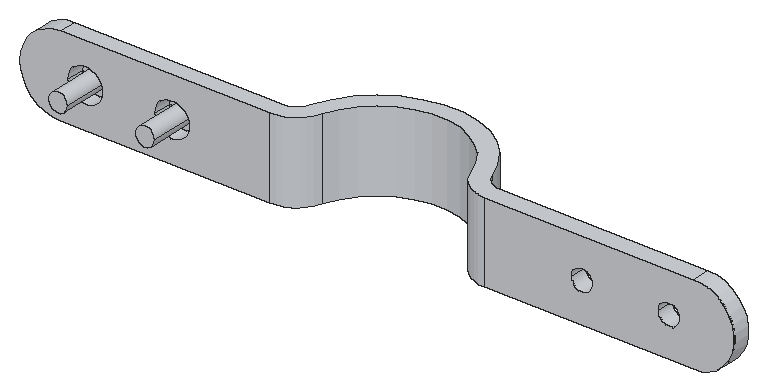
Revit family "Gaplok", category Generic Models, Revit 2013
Parameters
  r = 2.132 mm
  Button Head = yes
Reference planes
  plane 1 "Center (Front/Back)": y = 0
  plane 2: z = 0
  plane 3 "Center (Left/Right)": x = 0
  plane 4: x = -82.13
  plane 5: x = 82.13
  plane 6: x = -67.13
  plane 7: x = -47.13
  plane 8: x = 67.13
  plane 9: x = 47.13
  plane 10: z = 9.25
  plane 11: z = -9.25
  plane 12: y = 2
  plane 13: y = -2
  plane 14: x = -17.13
  plane 15: x = 17.13
Forms (mm)
  Extrusion 1, solid
    sketch origin (0, 0, 0) x (1, 0, 0) y (0, 1, 0)
      loop
        line (-82.13, 2) -> (-82.13, -2) -> (-24.739, -2)
        arc (-24.739, -2) -> (-20.032, -0.469) -> (-17.127, 3.538) r 8
        arc (-17.127, 3.538) -> (0, 16) -> (17.127, 3.538) r 18
        arc (17.127, 3.538) -> (20.032, -0.469) -> (24.739, -2) r 8
        line (24.739, -2) -> (82.13, -2) -> (82.13, 2) -> (24.739, 2)
        arc (24.739, 2) -> (22.385, 2.766) -> (20.933, 4.769) r 4
        arc (20.933, 4.769) -> (0, 20) -> (-20.933, 4.769) r 22
        arc (-20.933, 4.769) -> (-22.385, 2.766) -> (-24.739, 2) r 4
        line (-24.739, 2) -> (-82.13, 2)
    from -9.25 to 9.25
  Extrusion 2, void
    sketch origin (0, 0, 0) x (1, 0, 0) y (0, 0, 1)
      loop
        arc (-72.88, -9.25) -> (-82.13, 0) -> (-72.88, 9.25) r 9.25
        line (-72.88, 9.25) -> (-72.88, 11.25) -> (-91.147, 11.25) -> (-91.147, -11.25) -> (-72.88, -11.25) -> (-72.88, -9.25)
      loop
        circle (-67.13, 0) r 4
      loop
        circle (-47.13, 0) r 4
      loop
        circle (47.13, 0) r 2.5
      loop
        circle (67.13, 0) r 2.5
      loop
        line (72.88, -9.25) -> (72.88, -11.25) -> (91.147, -11.25) -> (91.147, 11.25) -> (72.88, 11.25) -> (72.88, 9.25)
        arc (72.88, 9.25) -> (82.13, 0) -> (72.88, -9.25) r 9.25
    from -2 to 2
  Extrusion 3, solid, visible <- "Button Head"
    sketch origin (-149.349, 2, -1.241) x (1, 0, 0) y (0, 0, -1)
      loop
        circle (82.219, -1.241) r 2.132
    from -11.85 to 0
  Revolve 4, solid, visible <- "Button Head"
    sketch origin (-149.349, -47.2, 0) x (1, 0, 0) y (0, 1, 0)
      loop
        line (77.419, 49.2) -> (82.219, 49.2) -> (82.219, 53.35) -> (80.569, 53.35)
        arc (80.569, 53.35) -> (78.341, 52.427) -> (77.419, 50.2) r 3.15
        line (77.419, 50.2) -> (77.419, 49.2)
      axis (82.219, 53.35) -> (82.219, 49.2)
    angle from 0 to 360
  Extrusion 5, void
    sketch origin (-159.349, -47.2, -1.241) x (1, 0, 0) y (0, 0, -1)
      loop
        line (92.219, -2.655) -> (93.633, -1.241) -> (92.219, 0.173) -> (90.804, -1.241) -> (92.219, -2.655)
    from 51.85 to 53.35
  Extrusion 6, solid, visible <- "Button Head"
    sketch origin (-114.349, 2, -1.241) x (1, 0, 0) y (0, 0, -1)
      loop
        circle (67.219, -1.241) r 2.132
    from -11.85 to 0
  Revolve 7, solid, visible <- "Button Head"
    sketch origin (-114.349, -47.2, 0) x (1, 0, 0) y (0, 1, 0)
      loop
        line (62.419, 49.2) -> (67.219, 49.2) -> (67.219, 53.35) -> (65.569, 53.35)
        arc (65.569, 53.35) -> (63.341, 52.427) -> (62.419, 50.2) r 3.15
        line (62.419, 50.2) -> (62.419, 49.2)
      axis (67.219, 53.35) -> (67.219, 49.2)
    angle from 0 to 360
  Extrusion 8, void
    sketch origin (-124.349, -47.2, -1.241) x (1, 0, 0) y (0, 0, -1)
      loop
        line (77.219, -2.655) -> (78.633, -1.241) -> (77.219, 0.173) -> (75.804, -1.241) -> (77.219, -2.655)
    from 51.85 to 53.35
Cuts and joins
  Extrusion 2 cuts Extrusion 1
  Extrusion 5, Extrusion 8 cuts Revolve 4
  Extrusion 8 cuts Revolve 7
Dimensions and locks
  equal spacing: plane 4, plane 3 "Center (Left/Right)", plane 5
  plane 4 to plane 5 = 164.26 mm
  equal spacing: plane 10, level, plane 11
  plane 10 to plane 11 = 18.5 mm
  locked: plane 4 to plane 7 at 35
  plane 4 to plane 3 "Center (Left/Right)" = 82.13 mm
  locked: plane 4 to plane 6 at 15
  locked: plane 8 to plane 5 at 15
  locked: plane 9 to plane 5 at 35
  plane 3 "Center (Left/Right)" to plane 5 = 82.13 mm
  locked: plane 4 to plane 14 at 65
  locked: plane 15 to plane 5 at 65
  "r": radius of Extrusion 3 sketch curve
  "r": radius of Extrusion 6 sketch curve
  radius of cut or joined group of Extrusion 1, Extrusion 2 = 18 mm
  radius of cut or joined group of Extrusion 1, Extrusion 2 = 22 mm
  aligned and locked: level to plane 2
  aligned and locked: plane 12 to Extrusion 1 sketch curve
  aligned and locked: plane 4 to Extrusion 1 sketch curve
  aligned and locked: Extrusion 1 sketch curve to plane 13
  aligned and locked: Extrusion 1 sketch curve to plane 5
  aligned and locked: Extrusion 1 to plane 11
  aligned and locked: plane 10 to Extrusion 1
  aligned and locked: Extrusion 2 to plane 12
  aligned and locked: plane 13 to Extrusion 2
Automatic sketch dimensions
  Extrusion 1 sketch curve to Extrusion 1 sketch curve = 0 mm  (x10)
  plane 13 to Extrusion 1 sketch curve = 0 mm  (x2)
  plane 12 to Extrusion 1 sketch curve = 0 mm
  Extrusion 1 sketch curve to plane 3 "Center (Left/Right)" = 0 mm
  Extrusion 1 sketch curve to Extrusion 1 sketch curve = 3.806 mm
  Extrusion 1 sketch curve to plane 12 = 1.538 mm
  Extrusion 2 sketch curve to plane 11 = 0 mm  (x2)
  Extrusion 2 sketch curve to plane 10 = 0 mm  (x2)
  plane 10 to Extrusion 2 sketch curve = 2 mm  (x2)
  Extrusion 2 sketch curve to plane 4 = 9.017 mm
  Extrusion 2 sketch curve to plane 11 = 2 mm  (x2)
  Extrusion 2 sketch curve to level = 0 mm  (x4)
  Extrusion 2 sketch curve to plane 6 = 0 mm
  Extrusion 2 sketch curve to plane 7 = 0 mm
  plane 9 to Extrusion 2 sketch curve = 0 mm
  plane 8 to Extrusion 2 sketch curve = 0 mm
  Extrusion 2 sketch curve to plane 6 = 5.75 mm
  Extrusion 2 sketch curve to plane 8 = 5.75 mm
  plane 5 to Extrusion 2 sketch curve = 9.017 mm
  plane 12 to Revolve 4 sketch curve = 0 mm
  Revolve 4 sketch curve to plane 6 = 0 mm  (x2)
  Revolve 4 sketch curve to plane 12 = 1 mm
  Revolve 4 sketch curve to Revolve 4 sketch curve = 1.65 mm
  Revolve 4 sketch curve to Revolve 4 sketch curve = 3.15 mm
  Revolve 4 sketch curve to plane 1 "Center (Front/Back)" = 0.317 mm
  Revolve 4 sketch curve to Revolve 4 sketch curve = 1.285 mm
  Extrusion 5 sketch curve to level = 0 mm  (x2)
  Extrusion 5 sketch curve to plane 6 = 0 mm  (x2)
  level to Extrusion 5 sketch curve = 1.414 mm
  plane 12 to Revolve 7 sketch curve = 0 mm
  Revolve 7 sketch curve to plane 7 = 0 mm  (x2)
  Revolve 7 sketch curve to plane 12 = 1 mm
  Revolve 7 sketch curve to Revolve 7 sketch curve = 1.65 mm
  Revolve 7 sketch curve to Revolve 7 sketch curve = 3.15 mm
  Revolve 7 sketch curve to plane 1 "Center (Front/Back)" = 0.317 mm
  Revolve 7 sketch curve to Revolve 7 sketch curve = 1.285 mm
  Extrusion 8 sketch curve to level = 0 mm  (x2)
  Extrusion 8 sketch curve to plane 7 = 0 mm  (x2)
  level to Extrusion 8 sketch curve = 1.414 mm
  Extrusion 3 sketch curve to level = 0 mm
  Extrusion 3 sketch curve to plane 6 = 0 mm
  Extrusion 6 sketch curve to level = 0 mm
  Extrusion 6 sketch curve to plane 7 = 0 mm
  Extrusion 1 sketch curve to plane 3 "Center (Left/Right)" = 24.739 mm
  plane 3 "Center (Left/Right)" to Extrusion 1 sketch curve = 24.739 mm
  radius of Extrusion 2 sketch curve = 4 mm  (x2)
  radius of Extrusion 2 sketch curve = 2.5 mm  (x2)
